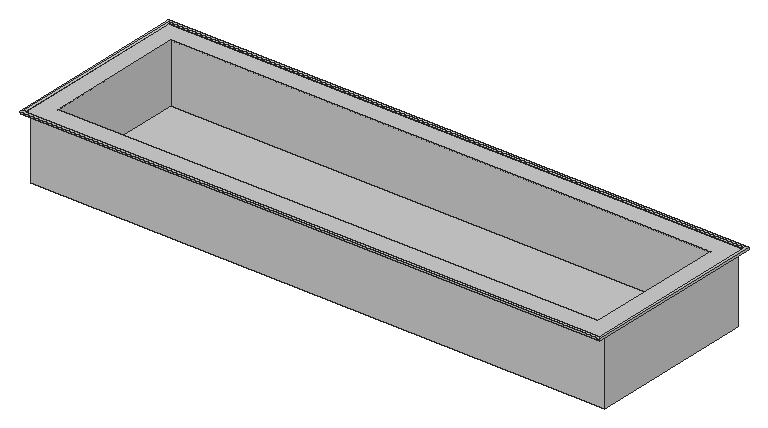
Revit family "QF_VOLLRATH_36454", category Specialty Equipment, Revit 2016
Family settings
  Part Type = Normal
  Round Connector Dimension = Use Diameter
  OmniClass Number = 23.40.40.14.24.14
  OmniClass Title = Service Line Equipment
  Work Plane-Based = Yes
  Always vertical = Yes
  Cut with Voids When Loaded = Yes
  Shared = No
  Room Calculation Point = No
Parameters (values of type "36454")
  Weight in Pounds = 0
  Waste Water Discharge Temperature [instance] = 0 °F
  Waste Remarks = ""
  URL Cutsheet = "www.vollrathfoodservice.com/downloads/52674/SPCDrop-inNonRefrigColdPanL35511en20210625-pdf"
  URL = "www.vollrathfoodservice.com"
  Status [instance] = ""
  Specification by User [instance] = ""
  Specification by Manufacturer = ""
  Serial Number = ""
  Seismic Rating = ""
  SMACNA No = ""
  Revision Code [instance] = ""
  Plumbing Remarks [instance] = ""
  Plumbing Connection Type [instance] = ""
  NAFEM Spec ID Number = ""
  Model = "36454"
  Masterspec = ""
  Manufacturer = "VOLLRATH US"
  Item Number [instance] = ""
  Installed By [instance] = ""
  Identify Quantity as Lot [instance] = no
  Furnished By [instance] = ""
  Foodservice Equipment Identifier [instance] = yes
  Direct Waste Size = 1"
  Direct Waste RI Height = 0"
  Direct Waste Flow = 0 GPM
  Direct Waste Connection Height = 0"
  Description = "SIX-WELL NONREFRIGERATED COLD WELL"
  Default Elevation = 0"
  CSI MasterFormat = ""
  Author = ""
  Assembly Code = "E1090320"
Reference planes (in)
  plane 1 "Back": y = 0
  plane 2: z = 0
  plane 3 "Left": x = 0
  plane 4 "Front": y = -26
  plane 5 "Top": z = 0
  plane 6 "Right": x = 81.25
Forms (in)
  Extrusion 1, void
    sketch origin (0, 0, 0) x (1, 0, 0) y (0, 1, 0)
      loop
        line (80.875, -0.375) -> (0.375, -0.375) -> (0.375, -25.625) -> (80.875, -25.625) -> (80.875, -0.375)
    from 3.27425 to -9.1875
  Extrusion 2, solid
    sketch origin (27.625, -4, 1.5625) x (1, 0, 0) y (0, 1, 0)
      loop
        circle (13, -9) r 0.5
      loop
        circle (13, -9) r 0.75
    from -9.68 to -10.75
  Extrusion 3, solid
    sketch origin (0, 0, 2.125) x (1, 0, 0) y (0, 1, 0)
      loop
        line (78.5, -3.0625) -> (2.5, -3.0625) -> (2.5, -22.9375) -> (78.5, -22.9375) -> (78.5, -3.0625)
      loop
        circle (40.625, -13) r 0.75
    from -11.3125 to -10.2425
  Extrusion 4, solid
    sketch origin (0, 0, 0) x (1, 0, 0) y (0, 1, 0)
      loop
        line (0.625, -0.625) -> (0.625, -25.375) -> (80.625, -25.375) -> (80.625, -0.625) -> (0.625, -0.625)
      loop
        line (2.75, -3.0625) -> (2.75, -22.9375) -> (78.5, -22.9375) -> (78.5, -3.0625) -> (2.75, -3.0625)
    from 0 to 0.14643
  Extrusion 5, solid
    sketch origin (0, 0, 0) x (1, 0, 0) y (0, 1, 0)
      loop
        line (2.75, -3.0625) -> (2.75, -22.9375) -> (78.5, -22.9375) -> (78.5, -3.0625) -> (2.75, -3.0625)
      loop
        line (0.375, -24.6875) -> (80.875, -24.6875) -> (80.875, -1.3125) -> (0.375, -1.3125) -> (0.375, -24.6875)
    from -9.1875 to 0
  Sweep 6, solid
    path origin (0, 0, 0) x (1, 0, 0) y (0, 1, 0)
      loop
        line (0.34375, -0.34375) -> (0.34375, -25.65625) -> (80.90625, -25.65625) -> (80.90625, -0.34375) -> (0.34375, -0.34375)
    profile origin (40.625, -0.34375, 0) x (0, 1, 0) y (0, 0, 1)
      loop
        line (0.34375, 0) -> (0.34375, 0.24548)
        arc (0.34375, 0.24548) -> (0.25632, 0.36797) -> (0.11207, 0.3251) r 0.12952
        line (0.11207, 0.3251) -> (0.00446, 0.18703)
        arc (0.00446, 0.18703) -> (-0.03241, 0.15713) -> (-0.07866, 0.14643) r 0.10539
        line (-0.07866, 0.14643) -> (-0.28125, 0.14643) -> (-0.28125, 0) -> (0.34375, 0)
Cuts and joins
  joined: Extrusion 3, Extrusion 4, Extrusion 5, Sweep 6
Lines and regions (in)
  symbolic lines, style "200-EquipBorder-2D"
    curve 1: line (81.25, 0, 0) -> (0, 0, 0)
    curve 2: line (81.25, -26, 0) -> (81.25, 0, 0)
    curve 3: line (0, 0, 0) -> (0, -26, 0)
    curve 8: line (0, -26, 0) -> (81.25, -26, 0)
  symbolic lines, style "200-EquipInternal-2D"
    curve 4: line (78.5, -3.0625, 0) -> (2.75, -3.0625, 0)
    curve 5: line (78.5, -22.9375, 0) -> (78.5, -3.0625, 0)
    curve 6: line (2.75, -22.9375, 0) -> (78.5, -22.9375, 0)
    curve 7: line (2.75, -3.0625, 0) -> (2.75, -22.9375, 0)
    curve 9: arc (40.125, -13, 0) -> (40.625, -12.5, 0) -> (41.125, -13, 0) r 0.5
    curve 10: arc (41.125, -13, 0) -> (40.625, -13.5, 0) -> (40.125, -13, 0) r 0.5
    curve 11: arc (39.875, -13, 0) -> (40.625, -12.25, 0) -> (41.375, -13, 0) r 0.75
    curve 12: arc (41.375, -13, 0) -> (40.625, -13.75, 0) -> (39.875, -13, 0) r 0.75
Dimensions and locks (in)
  plane 3 "Left" to plane 6 "Right" = 81 1/4"
  plane 4 "Front" to plane 1 "Back" = 26"
  aligned and locked: level to plane 2
Connectors (in)
  piping at (40.625, -13, -9.1875), diameter 1, driven by "Direct Waste Flow", driven by "Direct Waste Size"
    settings: on cut or joined group of Extrusion 3, Extrusion 4, Extrusion 5, Sweep 6, index 1, connector inside diameter 24", connector length 0", flow factor 0, pipe flow 0 GPM, pressure drop 0.00 psi, fitting loss kfactor 0, connector angle 0.00°, fixture units 0, engagement length 0", angle of deflection 0.00°, flow configuration 1, flow direction 2, fitting loss method 0, system type 16, joint type 0, gender type 0, connector reference index -1, connector utility 0, adjustable connector no, is connector primary yes, connector description "Drain"
